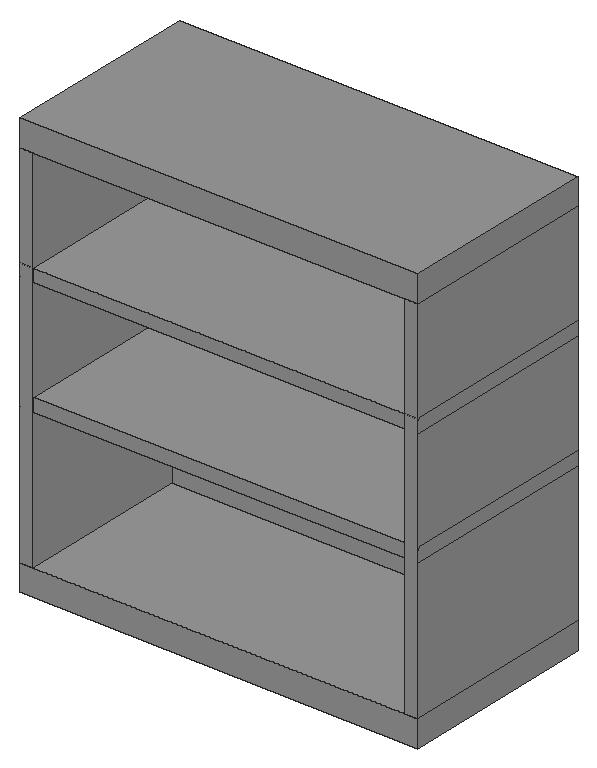
Revit family "stuva_ikea_frame_two_shelves_15195", category Мебель, Revit 2017
Family settings
  Номер OmniClass = 23.40.20.00
  Заголовок OmniClass = General Furniture and Specialties
  На основе рабочей плоскости = Нет
  Всегда вертикально = Да
  При загрузке вырезать с полостями = Нет
  Общий = Нет
  Точка расчета площади = Нет
Parameters
  front = front
  base = white
Reference planes (cm)
  plane 1 "Center (Front/Back)": y = 0
  plane 2: z = 0
  plane 3 "Center (Left/Right)": x = 0
Forms (cm)
  Extrusion 1, solid, material "white" <- "base"
    sketch origin (0, 0, 0) x (1, 0, 0) y (0, 1, 0)
      loop
        line (0, 20) -> (60, 20) -> (60, 50) -> (0, 50) -> (0, 20)
    from 0 to 4
  Extrusion 2, solid, material "white" <- "base"
    sketch origin (0, 0, 60) x (1, 0, 0) y (0, 1, 0)
      loop
        line (0, 20) -> (60, 20) -> (60, 50) -> (0, 50) -> (0, 20)
    from 0 to 4
  Extrusion 3, solid, material "white" <- "base"
    sketch origin (0, 0, 0) x (1, 0, 0) y (0, 1, 0)
      loop
        line (0, 20) -> (2, 20) -> (2, 46) -> (58, 46) -> (58, 20) -> (60, 20) -> (60, 50) -> (0, 50) -> (0, 20)
    from 4 to 60
  Extrusion 4, solid, material "white" <- "base"
    sketch origin (0, 0, 25) x (1, 0, 0) y (0, 1, 0)
      loop
        line (0, 20) -> (60, 20) -> (60, 50) -> (0, 50) -> (0, 20)
    from 0 to 2
  Extrusion 5, solid, material "white" <- "base"
    sketch origin (0, 0, 42.5) x (1, 0, 0) y (0, 1, 0)
      loop
        line (0, 20) -> (60, 20) -> (60, 50) -> (0, 50) -> (0, 20)
    from 0 to 2
Dimensions and locks (cm)
  aligned and locked: level to plane 2
